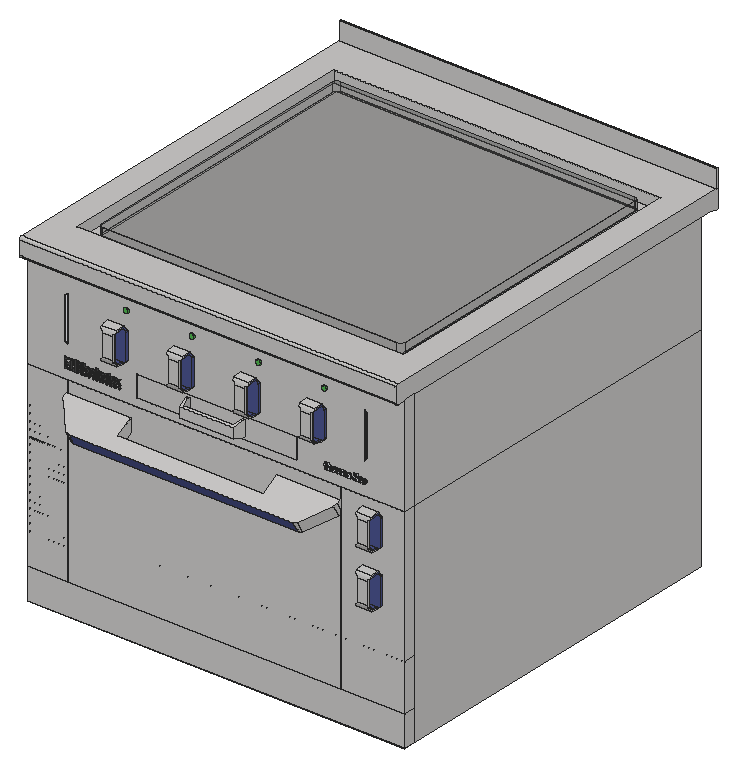
Revit family "QF_ELECTROLUXPROFESSIONAL_588694_MBLLGBH8AO", category Attrezzature speciali, Revit 2020 (continued)
Definition of nested family "Front_Panel_W800_Four Knobs_Spie"
  Definition of nested family "ELX_Professional_Logo_Small"
    Forms (mm)
      Extrusion 2, solid, material <- "Material_Logo"
        sketch origin (15.5, 0, 0) x (1, 0, 0) y (0, 1, 0)
          loop
            spline (-12.295, -0.468) -> (-12.474, -0.643) -> (-12.659, -0.805) -> (-12.85, -0.953) -> (-13.048, -1.087) -> (-13.254, -1.206) -> (-13.467, -1.311) -> (-13.69, -1.4) -> (-13.921, -1.475) -> (-14.162, -1.533) -> (-14.414, -1.575) -> (-14.677, -1.6) -> (-14.951, -1.609)
            spline (-14.951, -1.609) -> (-15.398, -1.581) -> (-15.823, -1.497) -> (-16.223, -1.362) -> (-16.596, -1.179) -> (-16.937, -0.95) -> (-17.243, -0.678) -> (-17.512, -0.367) -> (-17.739, -0.02) -> (-17.921, 0.36) -> (-18.055, 0.771) -> (-18.138, 1.208) -> (-18.167, 1.669)
          loop
            spline (-4.441, -1.243) -> (-4.659, -1.247) -> (-4.894, -1.23) -> (-5.137, -1.19) -> (-5.384, -1.121) -> (-5.628, -1.021) -> (-5.864, -0.884) -> (-6.084, -0.708) -> (-6.283, -0.488) -> (-6.454, -0.219) -> (-6.592, 0.101) -> (-6.69, 0.478) -> (-6.742, 0.914)
            line (-6.742, 0.914) -> (-6.742, 4.587) -> (-4.487, 4.587) -> (-4.487, 6.838) -> (-6.738, 6.838) -> (-6.738, 10.824) -> (-9.217, 10.824) -> (-9.217, 0.773)
            spline (-9.217, 0.773) -> (-9.164, 0.19) -> (-9.068, -0.358) -> (-8.928, -0.87) -> (-8.742, -1.343) -> (-8.511, -1.777) -> (-8.232, -2.168) -> (-7.904, -2.515) -> (-7.527, -2.816) -> (-7.098, -3.069) -> (-6.618, -3.273) -> (-6.084, -3.426) -> (-5.496, -3.525)
            line (-5.496, -3.525) -> (-4.45, -3.573) -> (-4.441, -1.243)
          loop
            spline (3.898, 6.983) -> (3.469, 7.009) -> (3.056, 7.001) -> (2.661, 6.961) -> (2.283, 6.888) -> (1.925, 6.785) -> (1.588, 6.652) -> (1.272, 6.49) -> (0.979, 6.301) -> (0.71, 6.085) -> (0.465, 5.844) -> (0.247, 5.578) -> (0.056, 5.289)
            line (0.056, 5.289) -> (0.056, 6.838) -> (-2.402, 6.838) -> (-2.402, -3.572) -> (0.056, -3.572) -> (0.056, 1.901)
            spline (0.056, 1.901) -> (0.079, 2.316) -> (0.145, 2.703) -> (0.254, 3.06) -> (0.404, 3.386) -> (0.592, 3.679) -> (0.818, 3.938) -> (1.08, 4.162) -> (1.375, 4.348) -> (1.703, 4.495) -> (2.062, 4.602) -> (2.45, 4.668) -> (2.865, 4.69)
            line (2.865, 4.69) -> (3.898, 4.586) -> (3.898, 6.983)
          loop
            spline (15.638, 1.633) -> (15.586, 2.396) -> (15.435, 3.124) -> (15.192, 3.81) -> (14.863, 4.449) -> (14.455, 5.034) -> (13.975, 5.56) -> (13.43, 6.021) -> (12.826, 6.411) -> (12.17, 6.724) -> (11.469, 6.955) -> (10.729, 7.098) -> (9.958, 7.147)
            spline (9.958, 7.147) -> (9.182, 7.098) -> (8.44, 6.955) -> (7.737, 6.724) -> (7.081, 6.411) -> (6.477, 6.021) -> (5.933, 5.56) -> (5.454, 5.034) -> (5.048, 4.449) -> (4.721, 3.81) -> (4.479, 3.124) -> (4.329, 2.396) -> (4.277, 1.633)
            spline (4.277, 1.633) -> (4.329, 0.869) -> (4.479, 0.141) -> (4.721, -0.544) -> (5.048, -1.183) -> (5.454, -1.768) -> (5.933, -2.294) -> (6.477, -2.755) -> (7.081, -3.145) -> (7.737, -3.459) -> (8.44, -3.69) -> (9.182, -3.833) -> (9.958, -3.882)
            spline (9.958, -3.882) -> (10.729, -3.833) -> (11.469, -3.69) -> (12.17, -3.459) -> (12.826, -3.145) -> (13.43, -2.755) -> (13.975, -2.294) -> (14.455, -1.768) -> (14.863, -1.183) -> (15.192, -0.544) -> (15.435, 0.141) -> (15.586, 0.869) -> (15.638, 1.633)
          loop
            spline (13.18, 1.633) -> (13.151, 2.083) -> (13.067, 2.513) -> (12.932, 2.918) -> (12.748, 3.296) -> (12.52, 3.642) -> (12.251, 3.954) -> (11.943, 4.227) -> (11.601, 4.459) -> (11.228, 4.645) -> (10.828, 4.782) -> (10.403, 4.867) -> (9.958, 4.896)
            spline (9.958, 4.896) -> (9.509, 4.867) -> (9.081, 4.782) -> (8.679, 4.645) -> (8.306, 4.459) -> (7.964, 4.227) -> (7.658, 3.954) -> (7.39, 3.642) -> (7.163, 3.296) -> (6.981, 2.918) -> (6.847, 2.513) -> (6.765, 2.083) -> (6.736, 1.633)
            spline (6.736, 1.633) -> (6.765, 1.182) -> (6.847, 0.753) -> (6.981, 0.347) -> (7.163, -0.031) -> (7.39, -0.377) -> (7.658, -0.689) -> (7.964, -0.962) -> (8.306, -1.193) -> (8.679, -1.38) -> (9.081, -1.517) -> (9.509, -1.602) -> (9.958, -1.631)
            spline (9.958, -1.631) -> (10.403, -1.602) -> (10.828, -1.517) -> (11.228, -1.38) -> (11.601, -1.193) -> (11.943, -0.962) -> (12.251, -0.689) -> (12.52, -0.377) -> (12.748, -0.031) -> (12.932, 0.347) -> (13.067, 0.753) -> (13.151, 1.182) -> (13.18, 1.633)
          loop
            line (17.162, 4.269) -> (17.162, -3.573) -> (19.642, -3.573) -> (19.642, 10.824) -> (17.162, 10.824) -> (17.162, 4.269)
          loop
            line (28.581, 6.838) -> (28.581, 0.786)
            spline (28.581, 0.786) -> (28.561, 0.393) -> (28.503, 0.038) -> (28.409, -0.279) -> (28.281, -0.559) -> (28.122, -0.802) -> (27.933, -1.011) -> (27.717, -1.185) -> (27.476, -1.325) -> (27.213, -1.433) -> (26.929, -1.509) -> (26.626, -1.554) -> (26.308, -1.569)
            spline (26.308, -1.569) -> (25.99, -1.554) -> (25.688, -1.509) -> (25.404, -1.434) -> (25.141, -1.326) -> (24.9, -1.187) -> (24.684, -1.014) -> (24.496, -0.807) -> (24.336, -0.565) -> (24.209, -0.288) -> (24.115, 0.026) -> (24.057, 0.376) -> (24.037, 0.765)
            line (24.037, 0.765) -> (24.037, 6.838) -> (21.537, 6.838) -> (21.537, 0.558)
            spline (21.537, 0.558) -> (21.581, -0.153) -> (21.71, -0.8) -> (21.916, -1.384) -> (22.195, -1.904) -> (22.54, -2.362) -> (22.944, -2.757) -> (23.403, -3.09) -> (23.909, -3.362) -> (24.456, -3.572) -> (25.04, -3.722) -> (25.652, -3.811) -> (26.288, -3.841)
            spline (26.288, -3.841) -> (26.929, -3.811) -> (27.547, -3.72) -> (28.135, -3.568) -> (28.687, -3.355) -> (29.197, -3.079) -> (29.66, -2.741) -> (30.068, -2.341) -> (30.415, -1.877) -> (30.696, -1.349) -> (30.905, -0.757) -> (31.034, -0.101) -> (31.079, 0.621)
            line (31.079, 0.621) -> (31.079, 6.838) -> (28.581, 6.838)
          loop
            line (40.457, -0.243) -> (38.894, 1.942) -> (40.83, 4.579) -> (42.488, 6.837) -> (39.782, 6.837) -> (37.53, 3.719) -> (35.258, 6.837) -> (32.573, 6.837) -> (34.113, 4.731) -> (36.167, 1.922) -> (34.014, -1.076) -> (32.222, -3.573) -> (34.887, -3.573) -> (37.53, 0.104) -> (40.174, -3.573) -> (42.839, -3.573) -> (40.457, -0.243)
          loop
            line (-46.121, -5.837) -> (-48.039, -5.837) -> (-48.039, -10.814) -> (-47.016, -10.814) -> (-47.016, -9.128) -> (-46.121, -9.128)
            arc (-46.121, -9.128) -> (-44.476, -7.482) -> (-46.121, -5.837) r 1.645
          loop
            line (-46.163, -6.778) -> (-47.016, -6.778) -> (-47.016, -8.187) -> (-46.163, -8.187)
            arc (-46.163, -8.187) -> (-45.458, -7.482) -> (-46.163, -6.778) r 0.704
          loop
            line (-38.313, -5.837) -> (-40.265, -5.837) -> (-40.265, -10.814) -> (-39.241, -10.814) -> (-39.241, -9.1) -> (-38.46, -9.182) -> (-37.48, -10.814) -> (-36.318, -10.814) -> (-37.513, -8.848)
            arc (-37.513, -8.848) -> (-36.888, -8.266) -> (-36.671, -7.441) r 1.536
            arc (-36.671, -7.441) -> (-37.165, -6.305) -> (-38.313, -5.837) r 1.643
          loop
            arc (-38.402, -8.166) -> (-37.707, -7.505) -> (-38.334, -6.778) r 0.696
            line (-38.334, -6.778) -> (-39.241, -6.778) -> (-39.241, -8.166) -> (-38.402, -8.166)
          loop
            circle (-29.965, -8.325) r 2.585
          loop
            circle (-29.965, -8.325) r 1.64
          loop
            line (-23.1, -5.837) -> (-23.1, -10.814) -> (-22.076, -10.814) -> (-22.076, -8.768) -> (-20.204, -8.768) -> (-20.204, -7.828) -> (-22.076, -7.828) -> (-22.076, -6.778) -> (-20.024, -6.778) -> (-20.024, -5.837) -> (-23.1, -5.837)
          loop
            line (-15.802, -5.837) -> (-15.802, -9.2)
            arc (-15.802, -9.2) -> (-15.343, -10.34) -> (-14.209, -10.814) r 1.593
            line (-14.209, -10.814) -> (-12.602, -10.814) -> (-12.602, -10.027) -> (-14.004, -10.027)
            arc (-14.004, -10.027) -> (-14.552, -9.8) -> (-14.779, -9.252) r 0.775
            line (-14.779, -9.252) -> (-14.779, -8.424) -> (-12.789, -8.424) -> (-12.789, -7.642) -> (-14.779, -7.642) -> (-14.779, -6.778) -> (-12.651, -6.778) -> (-12.651, -5.837) -> (-15.802, -5.837)
          loop
            line (-5.909, -7.143) -> (-5.173, -6.638)
            arc (-5.173, -6.638) -> (-5.855, -5.974) -> (-6.781, -5.755) r 1.782
            arc (-6.781, -5.755) -> (-7.397, -5.878) -> (-7.944, -6.189) r 1.974
            arc (-7.944, -6.189) -> (-8.202, -6.5) -> (-8.317, -6.888) r 1.013
            arc (-8.317, -6.888) -> (-8.306, -7.341) -> (-8.192, -7.78) r 1.985
            arc (-8.192, -7.78) -> (-7.749, -8.259) -> (-7.171, -8.563) r 1.928
            arc (-7.171, -8.563) -> (-6.637, -8.779) -> (-6.131, -9.056) r 5.041
            arc (-6.131, -9.056) -> (-5.934, -9.387) -> (-6.09, -9.74) r 0.42
            arc (-6.09, -9.74) -> (-6.631, -9.96) -> (-7.204, -9.845) r 1.016
            arc (-7.204, -9.845) -> (-7.625, -9.603) -> (-7.889, -9.196) r 1.033
            line (-7.889, -9.196) -> (-8.67, -9.686)
            arc (-8.67, -9.686) -> (-8.361, -10.198) -> (-7.908, -10.589) r 1.914
            arc (-7.908, -10.589) -> (-7.334, -10.834) -> (-6.714, -10.896) r 2.063
            arc (-6.714, -10.896) -> (-5.947, -10.743) -> (-5.256, -10.376) r 2.696
            arc (-5.256, -10.376) -> (-4.95, -9.565) -> (-5.108, -8.712) r 1.618
            arc (-5.108, -8.712) -> (-5.448, -8.319) -> (-5.884, -8.035) r 1.876
            arc (-5.884, -8.035) -> (-6.434, -7.789) -> (-6.999, -7.577) r 9.883
            arc (-6.999, -7.577) -> (-7.325, -7.07) -> (-6.854, -6.694) r 0.45
            arc (-6.854, -6.694) -> (-6.329, -6.809) -> (-5.909, -7.143) r 1.197
          loop
            line (1.61, -7.143) -> (2.345, -6.638)
            arc (2.345, -6.638) -> (1.663, -5.974) -> (0.737, -5.755) r 1.782
            arc (0.737, -5.755) -> (0.121, -5.878) -> (-0.425, -6.189) r 1.974
            arc (-0.425, -6.189) -> (-0.683, -6.5) -> (-0.799, -6.888) r 1.013
            arc (-0.799, -6.888) -> (-0.788, -7.341) -> (-0.674, -7.78) r 1.985
            arc (-0.674, -7.78) -> (-0.231, -8.259) -> (0.347, -8.563) r 1.928
            arc (0.347, -8.563) -> (0.881, -8.779) -> (1.387, -9.056) r 5.041
            arc (1.387, -9.056) -> (1.584, -9.387) -> (1.428, -9.74) r 0.42
            arc (1.428, -9.74) -> (0.887, -9.96) -> (0.314, -9.845) r 1.016
            arc (0.314, -9.845) -> (-0.107, -9.603) -> (-0.371, -9.196) r 1.033
            line (-0.371, -9.196) -> (-1.152, -9.686)
            arc (-1.152, -9.686) -> (-0.842, -10.198) -> (-0.39, -10.589) r 1.914
            arc (-0.39, -10.589) -> (0.184, -10.834) -> (0.804, -10.896) r 2.063
            arc (0.804, -10.896) -> (1.572, -10.743) -> (2.263, -10.376) r 2.696
            arc (2.263, -10.376) -> (2.568, -9.565) -> (2.411, -8.712) r 1.618
            arc (2.411, -8.712) -> (2.07, -8.319) -> (1.635, -8.035) r 1.876
            arc (1.635, -8.035) -> (1.084, -7.789) -> (0.519, -7.577) r 9.883
            arc (0.519, -7.577) -> (0.193, -7.07) -> (0.665, -6.694) r 0.45
            arc (0.665, -6.694) -> (1.189, -6.809) -> (1.61, -7.143) r 1.197
          loop
            line (6.801, -5.837) -> (6.801, -10.814) -> (7.825, -10.814) -> (7.825, -5.837) -> (6.801, -5.837)
          loop
            circle (14.724, -8.325) r 1.548
          loop
            circle (14.724, -8.325) r 2.585
          loop
            line (21.59, -10.814) -> (22.623, -10.814) -> (22.623, -7.685) -> (24.9, -10.814) -> (25.895, -10.814) -> (25.895, -5.837) -> (24.861, -5.837) -> (24.861, -9.061) -> (22.585, -5.837) -> (21.59, -5.837) -> (21.59, -10.814)
          loop
            line (31.054, -10.814) -> (31.539, -9.74) -> (33.38, -9.74) -> (33.865, -10.814) -> (34.965, -10.814) -> (32.46, -5.837) -> (29.956, -10.814) -> (31.054, -10.814)
          loop
            line (32.46, -7.698) -> (31.999, -8.719) -> (32.921, -8.719) -> (32.46, -7.698)
          loop
            line (40.047, -9.873) -> (40.047, -5.837) -> (39.024, -5.837) -> (39.024, -10.814) -> (41.961, -10.814) -> (41.961, -9.873) -> (40.047, -9.873)
          loop
            line (-74.986, -10.814) -> (-53.322, -10.814) -> (-53.322, 10.82) -> (-74.986, 10.82) -> (-74.986, -10.814)
          loop
            line (-61.261, 9.758) -> (-61.261, -9.707)
            arc (-61.261, -9.707) -> (-54.066, 0.025) -> (-61.261, 9.758) r 10.18
          loop
            line (-62.251, 8.349) -> (-62.251, 9.758)
            arc (-62.251, 9.758) -> (-70.347, 7.918) -> (-74.247, 0.59) r 9.976
            line (-74.247, 0.59) -> (-71.026, 0.59)
            arc (-71.026, 0.59) -> (-65.274, 2.925) -> (-62.251, 8.349) r 9.351
          loop
            arc (-74.247, -0.539) -> (-70.353, -7.928) -> (-62.251, -9.957) r 10.237
            line (-62.251, -9.957) -> (-62.251, -8.298)
            arc (-62.251, -8.298) -> (-65.274, -2.874) -> (-71.026, -0.539) r 9.351
            line (-71.026, -0.539) -> (-74.247, -0.539)
        from 0 to 1.644
    Dimensions and locks
      aligned and locked: plane 2 to Extrusion 1
      aligned and locked: level to Extrusion 1
